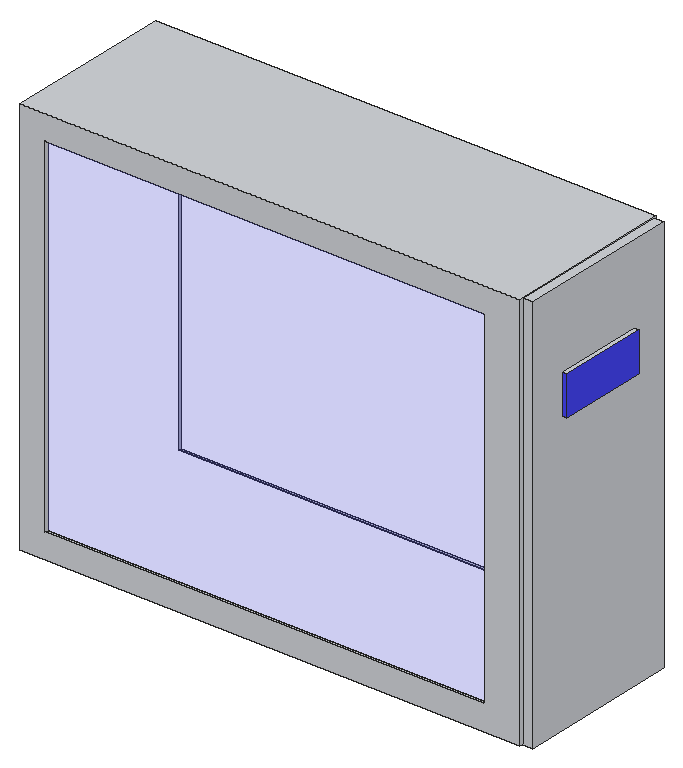
Revit family "RF-200", category Generic Models, Revit 2016
Family settings
  Part Type = Normal
  Can host rebar = No
  Round Connector Dimension = Use Diameter
  Work Plane-Based = No
  Always vertical = Yes
  Cut with Voids When Loaded = No
  Shared = No
  Room Calculation Point = No
Parameters (values of type "RF-200-2025")
  W = 25.0"
  T = 8.5"
  OFFF = OFF + 0.5"  # 1.75"
  OFF = 1.25"
  Model = "RF-200-2025"
  Manufacturer = "REVERSOMATIC"
  H = 20.0"
  D2 = D1 + 0.5"  # 13.0"
  D1 = W / 2  # 12.5"
Types (4): name | W | Model | H | D2 | D1
  (no name) | 25.0" | "RF-200-2025" | 20.0" | 13.0" | 12.5"
  RF-200-2025 | 25.0" | "RF-200-2025" | 20.0" | 13.0" | 12.5"
  RF-200-1620 | 20.0" | "RF-200-1620" | 16.0" | 10.5" | 10.0"
  RF-200-2020 | 20.0" | "RF-200-2020" | 20.0" | 10.5" | 10.0"
Reference planes (in)
  plane 1 "Center (Front/Back)": y = 0
  plane 2: z = 0
  plane 3 "Center (Left/Right)": x = 0
  plane 4: y = 4.25
  plane 5: y = -4.25
  plane 6: x = -12.5
  plane 7: x = 12.5
  plane 8: z = 20
Forms (in)
  Extrusion 1, solid
    sketch origin (0, 0, 0) x (1, 0, 0) y (0, 1, 0)
      loop
        line (-12.5, 4.25) -> (-12.5, -4.25) -> (12.5, -4.25) -> (12.5, 4.25) -> (-12.5, 4.25)
    from 0 to 20
  Extrusion 2, void
    sketch origin (0, 0, 0) x (1, 0, 0) y (0, 0, 1)
      loop
        line (-11.25, 18.75) -> (-11.25, 1.25) -> (10.75, 1.25) -> (10.75, 18.75) -> (-11.25, 18.75)
    from 4.1 to 4.5
  Extrusion 3, void
    sketch origin (0, 0, 0) x (1, 0, 0) y (0, 0, 1)
      loop
        line (-11.25, 18.75) -> (-11.25, 1.25) -> (10.75, 1.25) -> (10.75, 18.75) -> (-11.25, 18.75)
    from -4.25 to -4.1
  Extrusion 4, solid
    sketch origin (13, 12.35, 13.92036) x (0, 1, 0) y (0, 0, 1)
      loop
        line (-14.6, 2.15) -> (-14.6, 0.15) -> (-10.1, 0.15) -> (-10.1, 2.15) -> (-14.6, 2.15)
    from 0 to 0.25
  Extrusion 5, solid
    sketch origin (0, 0, 0) x (0, 1, 0) y (0, 0, 1)
      loop
        line (-4.1, 20) -> (-4.1, 0) -> (4.1, 0) -> (4.1, 20) -> (-4.1, 20)
    from 12.5 <- "D1" to 13 <- "D2"
Cuts and joins
  Extrusion 2, Extrusion 3 cuts Extrusion 1
Dimensions and locks (in)
  equal spacing: plane 5, plane 1 "Center (Front/Back)", plane 4
  "T": plane 4 to plane 5
  equal spacing: plane 6, plane 3 "Center (Left/Right)", plane 7
  "W": plane 6 to plane 7
  "H": plane 8 to plane 2
  "OFF": Extrusion 1 to Extrusion 2 sketch curve
  "OFFF": Extrusion 2 sketch curve to Extrusion 1
  "OFF": Extrusion 2 sketch curve to Extrusion 1  (x2)
  cut or joined group of Extrusion 1, Extrusion 2, Extrusion 3 to cut or joined group of Extrusion 1, Extrusion 2, Extrusion 3 = 20.0"
  cut or joined group of Extrusion 1, Extrusion 2, Extrusion 3 to cut or joined group of Extrusion 1, Extrusion 2, Extrusion 3 = 8.5"
  cut or joined group of Extrusion 1, Extrusion 2, Extrusion 3 to cut or joined group of Extrusion 1, Extrusion 2, Extrusion 3 = 25.0"
  cut or joined group of Extrusion 1, Extrusion 2, Extrusion 3 to Extrusion 4 sketch curve to Extrusion 4 sketch curve = 2.0", 4.5"
  Extrusion 4 sketch curve to cut or joined group of Extrusion 1, Extrusion 2, Extrusion 3 = 2.0"
  aligned and locked: plane 2 to level
  aligned and locked: Extrusion 1 sketch curve to plane 4
  aligned and locked: plane 6 to Extrusion 1 sketch curve
  aligned and locked: Extrusion 1 sketch curve to plane 5
  aligned and locked: Extrusion 1 sketch curve to plane 7
  aligned and locked: plane 8 to Extrusion 1
  aligned and locked: Extrusion 3 sketch curve to cut or joined group of Extrusion 1, Extrusion 2, Extrusion 3  (x4)
  aligned and locked: plane 4 to Extrusion 3
  aligned and locked: Extrusion 5 sketch curve to cut or joined group of Extrusion 1, Extrusion 2, Extrusion 3  (x3)
Automatic sketch dimensions
  Extrusion 5 sketch curve to level = 0.0"
  Extrusion 4 sketch curve to Extrusion 5 = 5.92964"
  Extrusion 4 sketch curve to Extrusion 4 sketch curve = 2.0"
